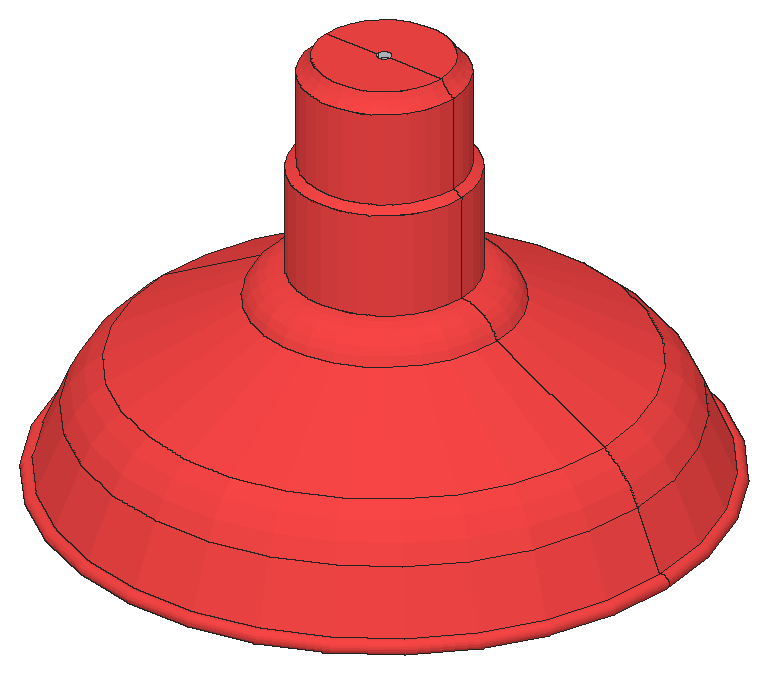
Revit family "W512 SHADE", category Lighting Fixtures, Revit 2024
Family settings
  Round Connector Dimension = Use Diameter
  Part Type = Normal
  OmniClass Number = 23.80.70.00
  OmniClass Title = Lighting
  Work Plane-Based = No
  Always vertical = Yes
  Cut with Voids When Loaded = No
  Light Source = Yes
  Maintain Annotation Orientation = No
  Shared = No
  Room Calculation Point = No
Parameters
  Wattage = 12.1178 W
  built-in parameter 1150110 = 1 (stored number, unit not read)
  built-in parameter 1114217 = 1 (stored number, unit not read)
  built-in parameter 1150109 = 1 (stored number, unit not read)
  built-in parameter 1150134 = (empty or 0)
  built-in parameter 1150113 = 1 (stored number, unit not read)
  Lumens = 1800 lm
  built-in parameter 1150115 = 1 (stored number, unit not read)
  built-in parameter 1150105 = 572.96 (stored number, unit not read)
  Light Source Symbol Size = 2' - 0"
  built-in parameter 1150137 = (empty or 0)
  built-in parameter 1150139 = (empty or 0)
  built-in parameter 1150112 = 1 (stored number, unit not read)
  built-in parameter 1150114 = 1 (stored number, unit not read)
  built-in parameter 1150132 = 2
  built-in parameter 1150102 = (empty or 0)
  built-in parameter 1150138 = (empty or 0)
  built-in parameter 1150107 = 3000 (stored number, unit not read)
  built-in parameter 1150106 = 5.7296 (stored number, unit not read)
  built-in parameter 1150104 = 13.8 (stored number, unit not read)
  Dimming Lamp Color Temperature Shift = (empty or 0)
  Default Elevation = 0' - 0"
  Color Filter = 16777215
  built-in parameter 1114218 = 1 (stored number, unit not read)
  built-in parameter 1150133 = 10 (stored number, unit not read)
Reference planes (in)
  plane 1 "Light Source Axis (F/B)": y = 0
  plane 2: z = 0
  plane 3 "Light Source Axis (L/R)": x = 0
  plane 4 "Light Source Elevation": z = 84
Forms (in)
  Revolve 1, solid
    sketch origin (0, 0, 0) x (1, 0, 0) y (0, 0, 1)
      loop
        line (-0.1304, 92) -> (-1.21259, 92)
        arc (-1.21259, 92) -> (-1.31602, 91.8354) -> (-1.45552, 91.7) r 0.81438
        line (-1.45552, 91.7) -> (-1.45552, 90.00917) -> (-1.64462, 89.9) -> (-1.64462, 88.01462)
        arc (-1.64462, 88.01462) -> (-2.09452, 87.84566) -> (-2.36729, 87.45) r 0.80278
        spline (-2.36729, 87.45) -> (-2.55273, 87.36244) -> (-2.73892, 87.27235) -> (-2.92587, 87.17974) -> (-3.11357, 87.08459) -> (-3.30202, 86.98692) -> (-3.49123, 86.88672) -> (-3.68119, 86.78399) -> (-3.87191, 86.67874) -> (-4.06338, 86.57095) -> (-4.2556, 86.46064) -> (-4.44858, 86.3478) -> (-4.64231, 86.23243)
        arc (-4.64231, 86.23243) -> (-5.05535, 85.83933) -> (-5.34737, 85.34958) r 2.09921
        line (-5.34737, 85.34958) -> (-5.81411, 84.25)
        arc (-5.81411, 84.25) -> (-5.99641, 84.16198) -> (-5.875, 84) r 0.1311
        line (-5.875, 84) -> (-5.81839, 84) -> (-5.26107, 85.31295)
        arc (-5.26107, 85.31295) -> (-4.98376, 85.77874) -> (-4.59183, 86.15325) r 2.00546
        spline (-4.59183, 86.15325) -> (-4.39552, 86.27014) -> (-4.2, 86.38441) -> (-4.00527, 86.49606) -> (-3.81134, 86.6051) -> (-3.61821, 86.71152) -> (-3.42587, 86.81532) -> (-3.23433, 86.91651) -> (-3.04359, 87.01508) -> (-2.85364, 87.11103) -> (-2.66449, 87.20437) -> (-2.47614, 87.2951) -> (-2.28859, 87.38321)
        arc (-2.28859, 87.38321) -> (-2.01763, 87.78624) -> (-1.55087, 87.92037) r 0.70903
        line (-1.55087, 87.92037) -> (-1.55087, 89.84587) -> (-1.36177, 89.95505) -> (-1.36177, 91.65511)
        arc (-1.36177, 91.65511) -> (-1.24727, 91.77137) -> (-1.15541, 91.90625) r 0.90813
        line (-1.15541, 91.90625) -> (-0.1304, 91.90625) -> (-0.1304, 92)
      axis (0, 84) -> (0, 92)
    angle from 0 to 360
Dimensions and locks (in)
  aligned and locked: plane 3 "Light Source Axis (L/R)" to imposter light
  aligned and locked: plane 1 "Light Source Axis (F/B)" to imposter light
  aligned and locked: plane 4 "Light Source Elevation" to imposter light
  aligned and locked: level to plane 2
